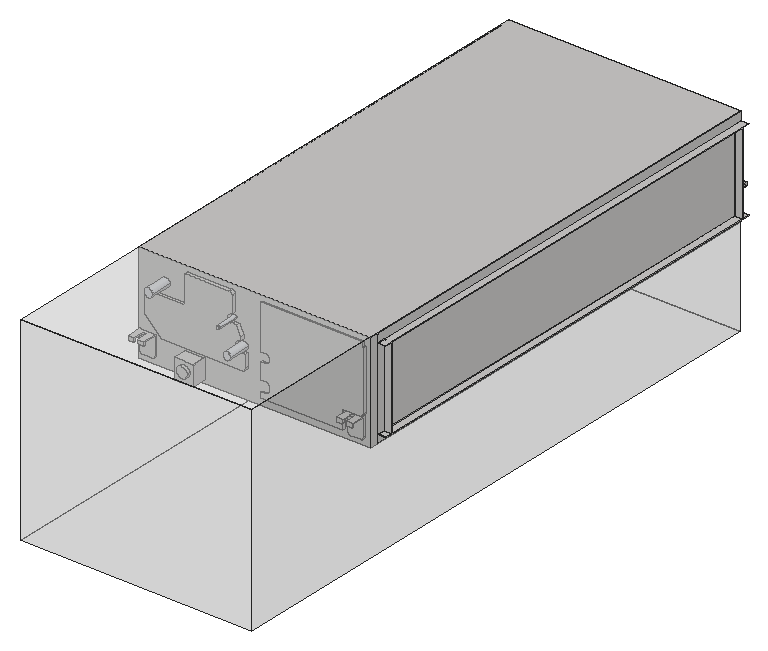
Revit family "outputfile", category 機械設備, Revit 2024
Family settings
  丸型コネクタ寸法 = 半径を使用
  パーツ タイプ = 標準
  OmniClass 番号 = 23.75.10.24.21.27.27
  OmniClass タイトル = Split System Air Conditioning Units
  作業面ベース = いいえ
  常に垂直 = はい
  ロード時にボイドで切り取り = いいえ
  注釈の向きを維持 = いいえ
  共有 = いいえ
  部屋計算ポイント = はい
Parameters (values of type "FXMQ250AFVM")
  Description = ""
  製造元 = "Daikin"
  書き出し IFC クラス(タイプ) = "IfcUnitaryEquipmentType"
  定義済み IFC タイプ(タイプ) = "AIRCONDITIONINGUNIT"
  Cost = 0
  モデル = "FXMQ250AFVM"
  Type Comments = ""
  Keynote = ""
  Type Image = (empty or 0)
  Assembly Code = ""
  w_dischargeflange = 1205.0 mm
  w_dsuctionflange = 1370.0 mm
  r_Liquid Pipe Size = Liquid Pipe Size / 2  # 4.75 mm
  r_Gas Pipe Size = Gas Pipe Size / 2  # 11.1 mm
  r_Drain Pipe Size = Drain Pipe Size / 2  # 12.5 mm
  lw_powersupply = 380.0 mm  # constant formula
  lw_mountinghole_pitch = 631.0 mm  # constant formula
  lw_mountinghole = 27.0 mm  # constant formula
  lw_maintenacesocket = 169.0 mm  # constant formula
  lw_liquidpipe = 290.0 mm  # constant formula
  lw_gaspipe = 318.0 mm  # constant formula
  lw_drainpipe = 80.0 mm  # constant formula
  lh_dischargeflange = 165.0 mm  # constant formula
  lh_powersupply = 56.0 mm  # constant formula
  lh_maintenacesocket = 40.0 mm  # constant formula
  lh_liquidpipe = 212.0 mm  # constant formula
  lh_gaspipe = 144.0 mm  # constant formula
  lh_drainpipe = 232.0 mm  # constant formula
  lh_suctionflange = 150.0 mm  # constant formula
  lh_antena = Height - lh_mountinghole + 1.0 mm  # 221.0 mm
  ld_dischargeflange = 635.0 mm
  ld_powersupply = Depth / 2  # 700.0 mm
  ld_mountinghole_pitch = 1438.0 mm
  ld_suctionflange = 713.0 mm
  h_dischargeflange = 265.0 mm  # constant formula
  lh_mountinghole = 80.0 mm  # constant formula
  h_mountinghole = [h***] + lh_mountinghole  # 80.0 mm
  h_suctionflange = 297.0 mm  # constant formula
  h*** = 0.0 mm  # constant formula
  d_dischargeflange = 25.0 mm  # constant formula
  d_pipe = 65.0 mm
  d_suctionflange = 25.0 mm  # constant formula
  Width = 700.0 mm
  Voltage_comment_60Hz = "220-230"
  Voltage_comment_50Hz = "220-240"
  Voltage_60Hz = 220 V
  Voltage_50Hz = 230 V
  Version = "ver.1.0"
  Unit Type = "Outdoor Air Processing Unit"
  Unit Mass Weight = 48.00 kg
  Unit Designation [instance] = ""
  Uniclass2015Version = "Products v1.30"
  Uniclass2015Title = "Variable refrigerant flow units"
  Uniclass2015Code = "Pr_70_65_03_94"
  URL = ""
  Total Heating Capacity [instance] = 0.000 kW
  Total Cooling Capacity [instance] = 0.000 kW
  Supply Air Direction [instance] = yes
  Sound Pressure Level_M speed (dBA) = 36
  Sound Pressure Level_L speed (dBA) = 27
  Sound Pressure Level_H speed (dBA) = 44
  Sound Power Level_H speed (dB) = 0
  Series = "VRV Fan Coil Unit"
  Sensible Cooling Capacity [instance] = 0.000 kW
  SA Duct Size Width = 1160.0 mm
  SA Duct Size Height = 215.0 mm
  Refrigerant Type = "R410A"
  Power Input (Heating) = 0.225 kW
  Power Input (Cooling) = 0.180 kW
  Phase_60Hz = 1
  Phase_50Hz = 1
  Option Accessory 3 [instance] = ""
  Option Accessory 2 [instance] = ""
  Option Accessory 1 [instance] = ""
  OA Duct Size Width = 1325.0 mm
  OA Duct Size Height = 247.0 mm
  Nominal Heating Capacity = 25.000 kW
  Nominal Cooling Capacity = 28.000 kW
  Minimum External Static Pressure = 50.00 Pa
  Minimum Circuit Amps_60Hz = 3.38 A
  Minimum Circuit Amps_50Hz = 3.38 A
  Minimum Airflow = 1080.00 m³/h
  Median Airflow = 1620.00 m³/h
  Maximum Fuse Amps_60Hz = 16.0 A
  Maximum Fuse Amps_50Hz = 16.0 A
  Maximum External Static Pressure = 200.00 Pa
  Maximum Airflow = 2160.00 m³/h
  Material_Casing = DAIKIN_GalvanizedSteel_Casing_indoorunit
  Load Classification = HVAC
  Liquid Pipe Size = 9.5 mm
  Link_Nested Family [instance] = ""
  IfcVersion = "0"
  IfcExportType = "AIRCONDITIONINGUNIT"
  IfcExportAs = "IfcUnitaryEquipmentType"
  Height = 300.0 mm
  Heating Entering Wet Bulb Temperature [instance] = 0.00 °C
  Heating Entering Dry Bulb Temperature [instance] = 0.00 °C
  Heating Ambient Wet Bulb Temperature [instance] = 0.00 °C
  Heating Ambient Dry Bulb Temperature [instance] = 0.00 °C
  Heat Exchanger Type = "Cross Fin Coil"
  Gas Pipe Size = 22.2 mm
  Frequency_60Hz = 60 Hz
  Frequency_50Hz = 50 Hz
  Fan Type = "Sirocco Fan"
  Fan Drive = "Direct Drive"
  FCU Tag No. [instance] = ""
  Drain Pipe Size = 25.0 mm
  Design Supply Airflow [instance] = 0.00 m³/h
  Design Outdoor Airflow [instance] = 0.00 m³/h
  Design External Static Pressure [instance] = 0.00 Pa
  Depth = 1400.0 mm
  既定の高さ = 0.0 mm
  Cooling Entering Wet Bulb Temperature [instance] = 0.00 °C
  Cooling Entering Dry Bulb Temperature [instance] = 0.00 °C
  Cooling Ambient Wet Bulb Temperature [instance] = 0.00 °C
  Cooling Ambient Dry Bulb Temperature [instance] = 0.00 °C
  Clearance visibility [instance] = yes
  Clearance Top = 0.0 mm
  Clearance Right = 0.0 mm
  Clearance Rear = 0.0 mm
  Clearance Left = 0.0 mm
  Clearance Front = 450.0 mm
  Clearance Bottom = 300.0 mm
Reference planes
  plane 1 "Center (Front/Back)": y = 0
  plane 2: z = 0
  plane 3 "Center (Left/Right)": x = 0
  plane 4 "Back": y = 700
  plane 5 "Front": y = -700
  plane 6 "Left": x = -350
  plane 7 "Right": x = 350
  plane 8 "Top": z = 0
  plane 9 "Bottom": z = -300
  plane 10: y = 700
  plane 11: y = -1150
  plane 12: x = 350
  plane 13: x = -350
  plane 14: z = 0
  plane 15: z = -600
  plane 16: y = -706
  plane 17: y = -710
  plane 18: y = -741
  plane 19: y = -749
  plane 20: y = -765
  plane 21 "ld_drainpipe": x = -270
  plane 22 "ld_liquidpipe": x = -60
  plane 23 "ld_gaspipe": x = -32
  plane 24 "lh_gaspipe": z = -156
  plane 25 "lh_drainpipe": z = -68
  plane 26 "lh_liquidpipe": z = -88
  plane 27 "h_mountinghole": z = -220
  plane 28: x = -323
  plane 29: x = 308
  plane 30: y = 719
  plane 31: y = -719
  plane 32 "lh_powersuply": z = -244
  plane 33 "ld_powersupply": x = 30
  plane 34 "lh_dischargeflange": z = -150
  plane 35 "ld_dischargeflange": y = 13
  plane 36 "ld_suctionflange": y = 65
  plane 37 "lh_suctionflange": z = -135
  plane 38 "lh_maintenacesocket": z = -260
  plane 39 "lw_maintenacesocket": x = -181
Forms (mm)
  Extrusion 1, solid, material "DAIKIN_GalvanizedSteel_Casing_indoorunit" <- "Material_Casing"
    sketch origin (0, 0, 0) x (1, 0, 0) y (0, 0, 1)
      loop
        line (-350, 0) -> (-350, -300) -> (350, -300) -> (350, 0) -> (-350, 0)
    from -700 to 700
  Extrusion 2, solid, material "DAIKIN_GalvanizedSteel_Casing_indoorunit" <- "Material_Casing"
    sketch origin (0, 0, 0) x (1, 0, 0) y (0, 0, 1)
      loop
        line (23.104, -151.299) -> (41.1, -151.326)
        arc (41.1, -151.326) -> (46.767, -153.673) -> (49.114, -159.34) r 8.015
        line (49.114, -159.34) -> (49.104, -169.302)
        arc (49.104, -169.302) -> (46.761, -174.959) -> (41.104, -177.302) r 8
        line (41.104, -177.302) -> (23.104, -177.302) -> (23.104, -227.302) -> (41.104, -227.302)
        arc (41.104, -227.302) -> (46.761, -229.645) -> (49.104, -235.302) r 8
        line (49.104, -235.302) -> (49.104, -251.302)
        arc (49.104, -251.302) -> (46.761, -256.959) -> (41.104, -259.302) r 8
        line (41.104, -259.302) -> (23.104, -259.302) -> (23.104, -274.802) -> (271.104, -274.802) -> (271.104, -224.802)
        arc (271.104, -224.802) -> (272.568, -221.266) -> (276.104, -219.802) r 5
        line (276.104, -219.802) -> (327.104, -219.802)
        spline (327.104, -219.802) -> (327.496, -219.776) -> (327.88, -219.7) -> (328.252, -219.574) -> (328.604, -219.4) -> (328.93, -219.182) -> (329.225, -218.923) -> (329.484, -218.628) -> (329.702, -218.302) -> (329.876, -217.95) -> (330.002, -217.578) -> (330.078, -217.194) -> (330.104, -216.802)
        line (330.104, -216.802) -> (330.104, -213) -> (332, -213)
        arc (332, -213) -> (334.121, -212.121) -> (335, -210) r 3
        line (335, -210) -> (335, -32)
        arc (335, -32) -> (334.121, -29.879) -> (332, -29) r 3
        line (332, -29) -> (330.104, -29) -> (330.104, -15.8) -> (23.104, -15.8) -> (23.104, -151.299)
    from 700 to 706
  Extrusion 3, solid, material "DAIKIN_GalvanizedSteel_Casing_indoorunit" <- "Material_Casing"
    sketch origin (0, 0, 0) x (1, 0, 0) y (0, 0, 1)
      loop
        line (-70, -15.8) -> (-201, -15.8)
        arc (-201, -15.8) -> (-203.121, -16.679) -> (-204, -18.8) r 3
        line (-204, -18.8) -> (-204, -102) -> (-321, -102)
        arc (-321, -102) -> (-323.121, -102.879) -> (-324, -105) r 3
        line (-324, -105) -> (-324, -167.757)
        arc (-324, -167.757) -> (-323.772, -168.905) -> (-323.121, -169.879) r 3
        line (-323.121, -169.879) -> (-274.879, -218.121)
        arc (-274.879, -218.121) -> (-273.905, -218.772) -> (-272.757, -219) r 3
        line (-272.757, -219) -> (-30, -219)
        arc (-30, -219) -> (-22.929, -216.071) -> (-20, -209) r 10
        line (-20, -209) -> (-20, -172.5) -> (-26.169, -172.5)
        arc (-26.169, -172.5) -> (-49.051, -159.94) -> (-34, -138.615) r 17.5
        line (-34, -138.615) -> (-34, -127.5) -> (-47, -100.5) -> (-56.429, -100.5)
        arc (-56.429, -100.5) -> (-72.874, -89.803) -> (-60, -75) r 13
        line (-60, -75) -> (-60, -25.8)
        arc (-60, -25.8) -> (-62.929, -18.729) -> (-70, -15.8) r 10
    from 710 to 700
  Extrusion 4, solid, material "DAIKIN_GalvanizedSteel_Casing_indoorunit" <- "Material_Casing"
    sketch origin (0, 0, 0) x (1, 0, 0) y (0, 0, 1)
      loop
        line (-209.102, -232.7) -> (-209.102, -292.398) -> (-152.898, -292.398) -> (-152.898, -232.7)
        arc (-152.898, -232.7) -> (-153.133, -232.133) -> (-153.7, -231.898) r 0.802
        line (-153.7, -231.898) -> (-208.298, -231.898)
        arc (-208.298, -231.898) -> (-208.865, -232.133) -> (-209.102, -232.7) r 0.802
    from 700 to 741
  Extrusion 5, solid, material "DAIKIN_GalvanizedSteel_Casing_indoorunit" <- "Material_Casing"
    sketch origin (0, 0, 0) x (1, 0, 0) y (0, 0, 1)
      loop
        circle (-181, -260) r 16.5
    from 741 to 749
  Extrusion 6, solid
    sketch origin (0, 0, 0) x (1, 0, 0) y (0, 0, 1)
      loop
        circle (-270, -68) r 12.5
      loop
        circle (-60, -88) r 4.75
      loop
        circle (-32, -156) r 11.1
    from 700 to 765
Dimensions and locks
  "Height": plane 8 "Top" to plane 9 "Bottom"
  equal spacing: plane 6 "Left", plane 3 "Center (Left/Right)", plane 7 "Right", locked at 350 each
  "Width": plane 6 "Left" to plane 7 "Right"
  equal spacing: plane 4 "Back", plane 1 "Center (Front/Back)", plane 5 "Front"
  "Depth": plane 4 "Back" to plane 5 "Front"
  "Clearance Left": plane 13 to plane 6 "Left"
  "Clearance Right": plane 7 "Right" to plane 12
  "Clearance Rear": plane 10 to plane 4 "Back"
  "Clearance Front": plane 5 "Front" to plane 11
  "Clearance Top": plane 14 to plane 8 "Top"
  "Clearance Bottom": plane 9 "Bottom" to plane 15
  Extrusion 2 sketch curve to Extrusion 2 sketch curve to Extrusion 2 sketch curve = 307.0 mm locked, 4.896 mm locked
  Extrusion 2 sketch curve to Extrusion 2 sketch curve to Extrusion 2 sketch curve to Extrusion 2 sketch curve to Extrusion 2 sketch curve = 26.0 mm locked, 222.0 mm locked, 59.0 mm locked, 4.896 mm locked
  locked: Extrusion 2 sketch curve to Extrusion 2 sketch curve at 26.01
  locked: Extrusion 2 sketch curve to nested 1 at 23.104
  locked: Extrusion 2 sketch curve to plane 3 "Center (Left/Right)" at 23.104
  plane 3 "Center (Left/Right)" to Extrusion 2 sketch curve = 23.104 mm
  Extrusion 2 sketch curve to Extrusion 2 sketch curve to Extrusion 2 sketch curve to Extrusion 2 sketch curve to Extrusion 2 sketch curve = 161.502 mm locked, 50.0 mm locked, 32.0 mm locked, 15.5 mm locked
  locked: Extrusion 2 sketch curve to Extrusion 2 sketch curve at 68.127
  locked: Extrusion 2 sketch curve to Extrusion 2 sketch curve at 13.2
  locked: Extrusion 2 sketch curve to Extrusion 2 sketch curve at 6.802
  locked: Extrusion 2 sketch curve to Extrusion 2 sketch curve at 55
  locked: plane 5 "Front" to plane 16 at 6
  locked: plane 5 "Front" to plane 17 at 10
  locked: plane 5 "Front" to plane 18 at 41
  "d_pipe": plane 5 "Front" to plane 20
  "lw_drainpipe": plane 6 "Left" to plane 21 "ld_drainpipe"
  "lw_liquidpipe": plane 6 "Left" to plane 22 "ld_liquidpipe"
  "lw_gaspipe": plane 6 "Left" to plane 23 "ld_gaspipe"
  "lh_gaspipe": plane 24 "lh_gaspipe" to plane 9 "Bottom"
  "lh_liquidpipe": plane 26 "lh_liquidpipe" to plane 9 "Bottom"
  "lh_drainpipe": plane 25 "lh_drainpipe" to plane 9 "Bottom"
  "lh_mountinghole": plane 27 "h_mountinghole" to plane 9 "Bottom"
  "lw_mountinghole": plane 6 "Left" to plane 28
  "lw_mountinghole_pitch": plane 28 to plane 29
  equal spacing: plane 30, plane 1 "Center (Front/Back)", plane 31
  "ld_mountinghole_pitch": plane 30 to plane 31
  locked: Extrusion 3 sketch curve to plane 6 "Left" at 146
  locked: Extrusion 3 sketch curve to plane 6 "Left" at 290
  locked: plane 6 "Left" to Extrusion 3 sketch curve at 26
  locked: Extrusion 3 sketch curve to plane 6 "Left" at 316
  locked: Extrusion 3 sketch curve to plane 6 "Left" at 330
  locked: Extrusion 3 sketch curve to plane 9 "Bottom" at 81
  locked: Extrusion 3 sketch curve to plane 9 "Bottom" at 284.2
  locked: Extrusion 3 sketch curve to plane 9 "Bottom" at 199.5
  locked: Extrusion 3 sketch curve to plane 9 "Bottom" at 127.5
  locked: Extrusion 3 sketch curve to plane 9 "Bottom" at 198
  "lh_powersupply": plane 32 "lh_powersuply" to plane 9 "Bottom"
  "lw_powersupply": plane 6 "Left" to plane 33 "ld_powersupply"
  "lh_suctionflange": plane 34 "lh_dischargeflange" to plane 9 "Bottom"
  "ld_suctionflange": plane 35 "ld_dischargeflange" to plane 5 "Front"
  "ld_dischargeflange": plane 4 "Back" to plane 36 "ld_suctionflange"
  "lh_dischargeflange": plane 37 "lh_suctionflange" to plane 9 "Bottom"
  locked: plane 5 "Front" to plane 19 at 49
  "lh_maintenacesocket": plane 38 "lh_maintenacesocket" to plane 9 "Bottom"
  "lw_maintenacesocket": plane 6 "Left" to plane 39 "lw_maintenacesocket"
  equal spacing: Extrusion 4 sketch curve, plane 39 "lw_maintenacesocket", Extrusion 4 sketch curve
  locked: Extrusion 4 sketch curve to Extrusion 4 sketch curve at 56.204
  Extrusion 4 sketch curve to plane 38 "lh_maintenacesocket" to Extrusion 4 sketch curve = 28.102 mm locked, 32.398 mm locked
  "r_Drain Pipe Size": radius of Extrusion 6 sketch curve
  "r_Liquid Pipe Size": radius of Extrusion 6 sketch curve
  "r_Gas Pipe Size": radius of Extrusion 6 sketch curve
  aligned and locked: level to plane 2
  aligned and locked: Extrusion 1 sketch curve to plane 8 "Top"
  aligned and locked: plane 6 "Left" to Extrusion 1 sketch curve
  aligned and locked: plane 9 "Bottom" to Extrusion 1 sketch curve
  aligned and locked: Extrusion 1 sketch curve to plane 7 "Right"
  aligned and locked: plane 4 "Back" to Extrusion 1
  aligned and locked: Extrusion 1 to plane 5 "Front"
  aligned and locked: plane 10 to nested 1
  aligned and locked: plane 11 to nested 1
  aligned and locked: plane 12 to nested 1
  aligned and locked: nested 1 to plane 13
  aligned and locked: plane 15 to nested 1
  aligned and locked: plane 14 to nested 1
  aligned and locked: Extrusion 2 to plane 16
  aligned and locked: plane 5 "Front" to Extrusion 2
  aligned and locked: Extrusion 4 to plane 18
  aligned and locked: plane 5 "Front" to Extrusion 4
  aligned and locked: Extrusion 5 to plane 19
  aligned and locked: plane 18 to Extrusion 5
  aligned and locked: plane 25 "lh_drainpipe" to Extrusion 6 sketch curve
  aligned and locked: plane 21 "ld_drainpipe" to Extrusion 6 sketch curve
  aligned and locked: plane 26 "lh_liquidpipe" to Extrusion 6 sketch curve
  aligned and locked: plane 22 "ld_liquidpipe" to Extrusion 6 sketch curve
  aligned and locked: plane 23 "ld_gaspipe" to Extrusion 6 sketch curve
  aligned and locked: plane 24 "lh_gaspipe" to Extrusion 6 sketch curve
  aligned and locked: Extrusion 6 to plane 20
  aligned and locked: plane 5 "Front" to Extrusion 6
  aligned and locked: nested 2 to plane 5 "Front"
  aligned and locked: nested 2 to plane 21 "ld_drainpipe"
  aligned and locked: plane 25 "lh_drainpipe" to nested 2
  aligned and locked: nested 3 to plane 5 "Front"
  aligned and locked: nested 4 to plane 5 "Front"
  aligned and locked: plane 26 "lh_liquidpipe" to nested 3
  aligned and locked: plane 24 "lh_gaspipe" to nested 4
  aligned and locked: plane 29 to nested 5
  aligned and locked: plane 4 "Back" to nested 5
  aligned and locked: plane 27 "h_mountinghole" to nested 5
  aligned and locked: plane 28 to nested 6
  aligned and locked: plane 4 "Back" to nested 6
  aligned and locked: plane 27 "h_mountinghole" to nested 6
  aligned and locked: nested 7 to plane 29
  aligned and locked: plane 5 "Front" to nested 7
  aligned and locked: plane 5 "Front" to nested 8
  aligned and locked: nested 8 to plane 28
  aligned and locked: nested 7 to plane 27 "h_mountinghole"
  aligned and locked: nested 8 to plane 27 "h_mountinghole"
  aligned and locked: Extrusion 3 to plane 17
  aligned and locked: plane 5 "Front" to Extrusion 3
  aligned and locked: nested 11 to plane 28
  aligned and locked: nested 11 to plane 30
  aligned and locked: nested 12 to plane 29
  aligned and locked: nested 12 to plane 30
  aligned and locked: nested 9 to plane 29
  aligned and locked: plane 31 to nested 9
  aligned and locked: nested 10 to plane 28
  aligned and locked: plane 31 to nested 10
  aligned and locked: nested 13 to plane 32 "lh_powersuply"
  aligned and locked: plane 1 "Center (Front/Back)" to nested 14
  aligned and locked: nested 14 to plane 3 "Center (Left/Right)"
  aligned and locked: plane 34 "lh_dischargeflange" to nested 15
  aligned and locked: plane 7 "Right" to nested 15
  aligned and locked: plane 35 "ld_dischargeflange" to nested 15
  aligned and locked: nested 16 to plane 36 "ld_suctionflange"
  aligned and locked: nested 16 to plane 6 "Left"
  aligned and locked: plane 37 "lh_suctionflange" to nested 16
  aligned and locked: nested 17 to plane 6 "Left"
  aligned and locked: nested 17 to plane 36 "ld_suctionflange"
  aligned and locked: plane 7 "Right" to nested 18
  aligned and locked: plane 35 "ld_dischargeflange" to nested 18
  aligned and locked: nested 18 to plane 34 "lh_dischargeflange"
  aligned and locked: nested 17 to plane 37 "lh_suctionflange"
  aligned and locked: plane 38 "lh_maintenacesocket" to Extrusion 5 sketch curve
  aligned and locked: plane 39 "lw_maintenacesocket" to Extrusion 5 sketch curve
  aligned and locked: nested 3 to plane 22 "ld_liquidpipe"
  aligned and locked: nested 4 to plane 23 "ld_gaspipe"
  aligned and locked: nested 13 to plane 33 "ld_powersupply"
  aligned and locked: level to plane 8 "Top"
Automatic sketch dimensions
  Extrusion 2 sketch curve to Extrusion 2 sketch curve = 0.027 mm
  Extrusion 2 sketch curve to Extrusion 2 sketch curve = 8.015 mm
  Extrusion 2 sketch curve to Extrusion 2 sketch curve = 8.01 mm
  Extrusion 2 sketch curve to Extrusion 2 sketch curve = 0.0 mm  (x4)
  Extrusion 2 sketch curve to Extrusion 2 sketch curve = 8.0 mm  (x3)
  Extrusion 2 sketch curve to Extrusion 2 sketch curve = 5.0 mm
  Extrusion 2 sketch curve to Extrusion 2 sketch curve = 3.0 mm  (x2)
  Extrusion 2 sketch curve to Extrusion 2 sketch curve = 1.896 mm  (x2)
  Extrusion 2 sketch curve to plane 8 "Top" = 15.8 mm
  Extrusion 4 sketch curve to Extrusion 4 sketch curve = 0.804 mm
  Extrusion 4 sketch curve to Extrusion 4 sketch curve = 0.802 mm  (x2)
  Extrusion 4 sketch curve to Extrusion 4 sketch curve = 0.0 mm
  plane 23 "ld_gaspipe" to Extrusion 3 sketch curve = 0.0 mm
  Extrusion 3 sketch curve to plane 24 "lh_gaspipe" = 0.0 mm
  Extrusion 3 sketch curve to plane 26 "lh_liquidpipe" = 0.0 mm
  plane 28 to Extrusion 3 sketch curve = 0.121 mm
  Extrusion 3 sketch curve to plane 28 = 2.0 mm  (x2)
  plane 21 "ld_drainpipe" to Extrusion 3 sketch curve = 4.879 mm
  plane 21 "ld_drainpipe" to Extrusion 3 sketch curve = 2.757 mm
  Extrusion 3 sketch curve to Extrusion 3 sketch curve = 3.0 mm  (x2)
  plane 22 "ld_liquidpipe" to Extrusion 3 sketch curve = 10.0 mm
  Extrusion 3 sketch curve to plane 22 "ld_liquidpipe" = 3.571 mm
  Extrusion 3 sketch curve to Extrusion 3 sketch curve = 9.429 mm
  Extrusion 3 sketch curve to plane 23 "ld_gaspipe" = 2.0 mm
  Extrusion 3 sketch curve to plane 23 "ld_gaspipe" = 5.831 mm
  Extrusion 3 sketch curve to plane 24 "lh_gaspipe" = 11.757 mm
  Extrusion 3 sketch curve to Extrusion 3 sketch curve = 11.115 mm
  radius of Extrusion 5 sketch curve = 16.5 mm
Nested families
  nested 1: "daikin_clearancespace" at (0, -225, -299.881), visible <- "Clearance visibility", show <- "Clearance visibility", Link_Nested Family <- "Link_Nested Family", type "daikin_clearancespace"
    with width 700.0 mm, show yes, height 600.0 mm, depth 1850.0 mm, Link_Nested Family ""
  nested 2: "daikin_connector_rotate2" at (-270, -700, -68), length <- "d_pipe", radius <- "r_Drain Pipe Size", type "daikin_connector_rotate2"
    with radius 12.5 mm, length 65.0 mm, angle_vertical 90.00°, show_face no
  nested 3: "daikin_connector_rotate2" at (-60, -700, -88), length <- "d_pipe", radius <- "r_Liquid Pipe Size", type "daikin_connector_rotate2"
    with radius 4.75 mm, length 65.0 mm, angle_vertical 90.00°, show_face no
  nested 4: "daikin_connector_rotate2" at (-32, -700, -156), length <- "d_pipe", radius <- "r_Gas Pipe Size", type "daikin_connector_rotate2"
    with radius 11.1 mm, length 65.0 mm, angle_vertical 90.00°, show_face no
  nested 5: "daikin_hangerfixture_CeilingMountedDuct" at (308, 700, -220) x (-1, 0, 0) z (0, 0, 1), type "daikin_hangerfixture_CeilingMountedDuct"
  nested 6: "daikin_hangerfixture_CeilingMountedDuct" at (-323, 700, -220) x (-1, 0, 0) z (0, 0, 1), type "daikin_hangerfixture_CeilingMountedDuct"
  nested 7: "daikin_hangerfixture_CeilingMountedDuct" at (308, -700, -220) x (-1, 0, 0) z (0, 0, 1), type "daikin_hangerfixture_CeilingMountedDuct"
  nested 8: "daikin_hangerfixture_CeilingMountedDuct" at (-323, -700, -220) x (-1, 0, 0) z (0, 0, 1), type "daikin_hangerfixture_CeilingMountedDuct"
  nested 9: "daikin_mountinghole" at (308, -719, -300), Link_Nested Family <- "Link_Nested Family", l_antenna <- "lh_antena", h_mountinghole <- "h_mountinghole", type "daikin_mountinghole"
    with show yes, l_antenna 221.0 mm, h_mountinghole 80.0 mm, Link_Nested Family ""
  nested 10: "daikin_mountinghole" at (-323, -719, -300), Link_Nested Family <- "Link_Nested Family", l_antenna <- "lh_antena", h_mountinghole <- "h_mountinghole", type "daikin_mountinghole"
    with show yes, l_antenna 221.0 mm, h_mountinghole 80.0 mm, Link_Nested Family ""
  nested 11: "daikin_mountinghole" at (-323, 719, -300), Link_Nested Family <- "Link_Nested Family", l_antenna <- "lh_antena", h_mountinghole <- "h_mountinghole", type "daikin_mountinghole"
    with show yes, l_antenna 221.0 mm, h_mountinghole 80.0 mm, Link_Nested Family ""
  nested 12: "daikin_mountinghole" at (308, 719, -300), Link_Nested Family <- "Link_Nested Family", l_antenna <- "lh_antena", h_mountinghole <- "h_mountinghole", type "daikin_mountinghole"
    with show yes, l_antenna 221.0 mm, h_mountinghole 80.0 mm, Link_Nested Family ""
  nested 13: "daikin_connector_rotate2" at (30, 0, -244), length <- "ld_powersupply", type "daikin_connector_rotate2"
    with radius 10.0 mm, length 700.0 mm, angle_vertical 90.00°, show_face no
  nested 14: "daikin_△_symbolicline" at (0, 0, 300) x (0, -1, 0) z (0, 0, 1), visible <- "Supply Air Direction", built-in parameter 1001364 <- "Height", type "daikin_△_symbolicline"
    with length 300.0 mm
  nested 15: "daikin_ductflange_FXMQ-AFVM" at (350, 13, -298.5) x (0, 1, 0) z (0, 0, 1), depth <- "d_suctionflange", height <- "h_suctionflange", width <- "w_dsuctionflange", material <- "Material_Casing", type "daikin_ductflange_FXMQ-AFVM"
    with width 1370.0 mm, top1 25.0 mm, right1 22.5 mm, material DAIKIN_GalvanizedSteel_Casing_indoorunit, left1 22.5 mm, height 297.0 mm, depth 25.0 mm, Bottom1 25.0 mm
  nested 16: "daikin_ductflange_FXMQ-AFVM" at (-350, 65, -267.5) x (0, -1, 0) z (0, 0, 1), material <- "Material_Casing", depth <- "d_dischargeflange", height <- "h_dischargeflange", width <- "w_dischargeflange", type "daikin_ductflange_FXMQ-AFVM"
    with width 1205.0 mm, top1 25.0 mm, right1 22.5 mm, material DAIKIN_GalvanizedSteel_Casing_indoorunit, left1 22.5 mm, height 265.0 mm, depth 25.0 mm, Bottom1 25.0 mm
  nested 17: "daikin_connector_rotate2" at (-350, 65, -135) x (0, -1, 0) z (0, 0, 1), length <- "d_dischargeflange", type "daikin_connector_rotate2"
    with radius 10.0 mm, length 25.0 mm, angle_vertical 90.00°, show_face no
  nested 18: "daikin_connector_rotate2" at (350, 13, -150) x (0, 1, 0) z (0, 0, 1), length <- "d_suctionflange", type "daikin_connector_rotate2"
    with radius 10.0 mm, length 25.0 mm, angle_vertical 90.00°, show_face no
Connectors
  piping at (-270, -765, -68), diameter 25, driven by "r_Drain Pipe Size"
    settings: on nested 2, index 1, connector inside diameter 609.6 mm, connector length 0.0 mm, flow factor 0, pipe flow 0.00 m³/h, pressure drop 0.0 Pa, fitting loss kfactor 0, connector angle 0.00°, fixture units 0, engagement length 0.0 mm, angle of deflection 0.00°, flow configuration 1, flow direction 2, fitting loss method 4, system type 16, joint type 0, gender type 0, connector reference index -1, connector utility 0, adjustable connector no, is connector primary yes, connector description "Condensate Drain Piping"
  piping at (-60, -765, -88), diameter 9.5, driven by "r_Liquid Pipe Size"
    settings: on nested 3, index 2, connector inside diameter 609.6 mm, connector length 0.0 mm, flow factor 0, pipe flow 0.00 m³/h, pressure drop 0.0 Pa, fitting loss kfactor 0, connector angle 0.00°, fixture units 0, engagement length 0.0 mm, angle of deflection 0.00°, flow configuration 1, flow direction 1, fitting loss method 0, system type 29, joint type 0, gender type 0, connector reference index -1, connector utility 0, adjustable connector no, is connector primary no, connector description "Refrigerant Liquid Piping"
  piping at (-32, -765, -156), diameter 22.2, driven by "r_Gas Pipe Size"
    settings: on nested 4, index 3, connector inside diameter 609.6 mm, connector length 0.0 mm, flow factor 0, pipe flow 0.00 m³/h, pressure drop 0.0 Pa, fitting loss kfactor 0, connector angle 0.00°, fixture units 0, engagement length 0.0 mm, angle of deflection 0.00°, flow configuration 1, flow direction 2, fitting loss method 0, system type 29, joint type 0, gender type 0, connector reference index -1, connector utility 0, adjustable connector no, is connector primary no, connector description "Refrigerant Gas Piping"
  electrical at (30, -700, -244), driven by "Load Classification"
    settings: on nested 13, index 4, voltage 0 V, apparent load 0 VA, apparent load phase1 0 VA, apparent load phase2 0 VA, apparent load phase3 0 VA, power factor 1, load classification "HVAC", number of poles 1, system type 30, power factor state 1, is connector primary yes, connector utility no, sub classification motor no, connector description "Power Supply"
  hvac at (375, 13, -150), driven by "OA Duct Size Height", driven by "OA Duct Size Width"
    settings: on nested 15, index 5, duct flow 0.00 m³/h, flow factor 0, pres drop 0.00 Pa, loss coef 0, conn angle 0.00°, conn width 1325.0 mm, conn height 247.0 mm, conn diameter 609.6 mm, duct sys type 1, conn prof type 1, flow config 0, flow direction 1, loss method 4, conn ref index -1, conn util no, is conn primary no, conn desc "OA Duct"
  hvac at (-375, 65, -135), driven by "SA Duct Size Height", driven by "SA Duct Size Width"
    settings: on nested 16, index 6, duct flow 0.00 m³/h, flow factor 0, pres drop 0.00 Pa, loss coef 0, conn angle 0.00°, conn width 1160.0 mm, conn height 215.0 mm, conn diameter 609.6 mm, duct sys type 1, conn prof type 1, flow config 0, flow direction 2, loss method 4, conn ref index -1, conn util no, is conn primary yes, conn desc "SA Duct"
Definition of nested family "daikin_clearancespace"
  Parameters (values of type "daikin_clearancespace")
    width [instance] = 1823.963 mm
    show [instance] = yes
    material = none
    height [instance] = 1359.762 mm
    depth [instance] = 880.0 mm
    Default Elevation = 0.0 mm
    Link_Nested Family [instance] = ""
  Reference planes
    plane 1 "Center (Front/Back)": y = 0
    plane 2 "Center (Elevation)": z = -0.119
    plane 3 "Center (Left/Right)": x = 0
    plane 4: y = 440
    plane 5: y = -440
    plane 6 "Right": x = 911.982
    plane 7 "Left": x = -911.982
    plane 8 "Top": z = 679.762
    plane 9 "Bottom": z = -680
  Forms (mm)
    Extrusion 1, solid, material <- "material", visible <- "show"
      sketch origin (0, 0, 0) x (1, 0, 0) y (0, 1, 0)
        loop
          line (-911.982, 440) -> (-911.982, -440) -> (911.982, -440) -> (911.982, 440) -> (-911.982, 440)
      from -680 to 679.762
  Lines and regions (mm)
    symbolic lines, visible <- "show"
      curve 1: line (911.982, 440, 0) -> (-911.982, 440, 0)
      curve 2: line (-911.982, 440, 0) -> (-911.982, -440, 0)
      curve 3: line (-911.982, -440, 0) -> (911.982, -440, 0)
      curve 4: line (911.982, -440, 0) -> (911.982, 440, 0)
      curve 5: line (911.982, 0, 679.762) -> (-911.982, 0, 679.762)
      curve 6: line (911.982, 0, -680) -> (911.982, 0, 679.762)
      curve 7: line (-911.982, 0, -680) -> (911.982, 0, -680)
      curve 8: line (-911.982, 0, 679.762) -> (-911.982, 0, -680)
      curve 9: line (0, 440, 679.762) -> (0, -440, 679.762)
      curve 10: line (0, -440, 679.762) -> (0, -440, -680)
      curve 11: line (0, 440, -680) -> (0, 440, 679.762)
      curve 12: line (0, -440, -680) -> (0, 440, -680)
  Dimensions and locks
    "width": plane 7 "Left" to plane 6 "Right"
    "depth": plane 4 to plane 5
    "height": plane 8 "Top" to plane 9 "Bottom"
    equal spacing: plane 7 "Left", plane 3 "Center (Left/Right)", plane 6 "Right"
    equal spacing: plane 4, plane 1 "Center (Front/Back)", plane 5
    equal spacing: plane 8 "Top", plane 2 "Center (Elevation)", plane 9 "Bottom"
    aligned and locked: level to plane 2 "Center (Elevation)"
    aligned and locked: Extrusion 1 sketch curve to plane 4
    aligned and locked: plane 7 "Left" to Extrusion 1 sketch curve
    aligned and locked: Extrusion 1 sketch curve to plane 5
    aligned and locked: Extrusion 1 sketch curve to plane 6 "Right"
    aligned and locked: plane 8 "Top" to Extrusion 1
    aligned and locked: curve 1 to Extrusion 1
    aligned and locked: curve 2 to Extrusion 1
    aligned and locked: curve 3 to Extrusion 1
    aligned and locked: curve 4 to Extrusion 1
    aligned and locked: curve 5 to Extrusion 1
    aligned and locked: curve 6 to Extrusion 1
    aligned and locked: curve 7 to Extrusion 1
    aligned and locked: curve 8 to Extrusion 1
    aligned and locked: curve 9 to Extrusion 1
    aligned and locked: curve 10 to Extrusion 1
    aligned and locked: curve 11 to Extrusion 1
    aligned and locked: curve 12 to Extrusion 1
    aligned and locked: Extrusion 1 to plane 9 "Bottom"
Definition of nested family "daikin_hangerfixture_CeilingMountedDuct"
  Parameters (values of type "daikin_hangerfixture_CeilingMountedDuct")
    width = 48.0 mm
    material = none
    height = 65.0 mm
    depth = 45.0 mm
    Default Elevation = 0.0 mm
  Reference planes
    plane 1 "Center (Front/Back)": y = 0
    plane 2: z = 0
    plane 3 "Center (Left/Right)": x = 0
    plane 4: y = 417.146
    plane 5: y = -45
    plane 6: x = -24
    plane 7: x = 24
    plane 8: z = -2.3
    plane 9: z = -65
    plane 10: y = -2.3
    plane 11: z = -12
    plane 12: y = -42.7
  Forms (mm)
    Extrusion 1, solid, material <- "material"
      sketch origin (0, 0, 0) x (1, 0, 0) y (0, 1, 0)
        loop
          line (24, 0) -> (-24, 0) -> (-24, -45) -> (-6, -45) -> (-6, -19)
          arc (-6, -19) -> (0, -13) -> (6, -19) r 6
          line (6, -19) -> (6, -45) -> (24, -45) -> (24, 0)
      from 0 to -2.3
    Extrusion 2, solid, material <- "material"
      sketch origin (0, 0, 0) x (1, 0, 0) y (0, 0, 1)
        loop
          line (24, -55) -> (24, 0) -> (-24, 0) -> (-24, -55)
          arc (-24, -55) -> (-21.071, -62.071) -> (-14, -65) r 10
          line (-14, -65) -> (14, -65)
          arc (14, -65) -> (21.071, -62.071) -> (24, -55) r 10
      from 0 to 2.3
    Extrusion 3, solid, material <- "material"
      sketch origin (0, 0, 0) x (1, 0, 0) y (0, 0, 1)
        loop
          line (-6, -9) -> (-6, 0) -> (-24, 0) -> (-24, -9)
          arc (-24, -9) -> (-23.121, -11.121) -> (-21, -12) r 3
          line (-21, -12) -> (-9, -12)
          arc (-9, -12) -> (-6.879, -11.121) -> (-6, -9) r 3
        loop
          line (6, 0) -> (6, -9)
          arc (6, -9) -> (6.879, -11.121) -> (9, -12) r 3
          line (9, -12) -> (21, -12)
          arc (21, -12) -> (23.121, -11.121) -> (24, -9) r 3
          line (24, -9) -> (24, 0) -> (6, 0)
      from 42.7 to 45
  Cuts and joins
    joined: Extrusion 1, Extrusion 2, Extrusion 3
  Dimensions and locks
    "width": plane 6 to plane 7
    "depth": plane 5 to plane 1 "Center (Front/Back)"
    plane 2 to plane 8 = 2.3 mm
    "height": plane 2 to plane 9
    locked: plane 10 to plane 1 "Center (Front/Back)" at 2.3
    locked: plane 2 to plane 11 at 12
    locked: plane 12 to plane 5 at 2.3
    aligned and locked: level to plane 2
    aligned and locked: Extrusion 1 sketch curve to plane 1 "Center (Front/Back)"
    aligned and locked: plane 7 to Extrusion 1
    aligned and locked: Extrusion 1 to plane 6
    aligned and locked: Extrusion 1 to plane 5  (x2)
    aligned and locked: Extrusion 1 to plane 8
    aligned and locked: plane 2 to Extrusion 1
    aligned and locked: plane 2 to Extrusion 2 sketch curve
    aligned and locked: Extrusion 2 to plane 9
    aligned and locked: Extrusion 2 to plane 10
    aligned and locked: Extrusion 2 to plane 1 "Center (Front/Back)"
    aligned and locked: plane 2 to Extrusion 3 sketch curve  (x2)
    aligned and locked: Extrusion 3 to plane 11  (x2)
    aligned and locked: plane 12 to Extrusion 3
    aligned and locked: Extrusion 3 to plane 5
  Automatic sketch dimensions
    Extrusion 1 sketch curve to plane 6 = 0.0 mm
    Extrusion 1 sketch curve to plane 5 = 0.0 mm  (x2)
    Extrusion 1 sketch curve to plane 3 "Center (Left/Right)" = 0.0 mm
    Extrusion 1 sketch curve to plane 7 = 0.0 mm
    Extrusion 1 sketch curve to plane 3 "Center (Left/Right)" = 6.0 mm
    plane 1 "Center (Front/Back)" to Extrusion 1 sketch curve = 19.0 mm
    Extrusion 2 sketch curve to plane 7 = 0.0 mm
    Extrusion 2 sketch curve to plane 7 = 10.0 mm
    Extrusion 2 sketch curve to plane 8 = 52.7 mm
    plane 6 to Extrusion 2 sketch curve = 10.0 mm
    Extrusion 2 sketch curve to plane 6 = 0.0 mm
    Extrusion 3 sketch curve to plane 6 = 0.0 mm
    Extrusion 3 sketch curve to plane 7 = 0.0 mm
    Extrusion 3 sketch curve to Extrusion 3 sketch curve = 3.0 mm  (x2)
    Extrusion 3 sketch curve to plane 8 = 6.7 mm
    Extrusion 3 sketch curve to plane 3 "Center (Left/Right)" = 9.0 mm
    Extrusion 3 sketch curve to plane 3 "Center (Left/Right)" = 6.0 mm
    plane 3 "Center (Left/Right)" to Extrusion 3 sketch curve = 6.0 mm
    Extrusion 3 sketch curve to plane 7 = 3.0 mm
    Extrusion 3 sketch curve to plane 8 = 9.7 mm
Definition of nested family "daikin_ductflange_FXMQ-AFVM"
  Parameters (values of type "daikin_ductflange_CeilingMountedDuct")
    width [instance] = 670.0 mm
    right1 [instance] = 22.5 mm
    left1 [instance] = 22.5 mm
    Bottom1 [instance] = 25.0 mm
    material [instance] = none
    height [instance] = 272.0 mm
    depth [instance] = 25.0 mm
    top1 [instance] = 25.0 mm
    Default Elevation = 0.0 mm
  Reference planes
    plane 1 "Center (Front/Back)": y = 0
    plane 2: z = 0
    plane 3 "Center (Left/Right)": x = 0
    plane 4: y = -25
    plane 5: x = -335
    plane 6: x = 335
    plane 7 "Top": z = 272
    plane 8: y = -1
    plane 9: x = -312.5
    plane 10: x = 312.5
    plane 11: z = 247
    plane 12: z = 25
    plane 13 "Center (Elevation)": z = 136
  Forms (mm)
    Extrusion 1, solid, material <- "material"
      sketch origin (0, 0, 0) x (1, 0, 0) y (0, 0, 1)
        loop
          line (-335, 272) -> (-335, 0) -> (335, 0) -> (335, 272) -> (-335, 272)
        loop
          line (-312.5, 247) -> (-312.5, 25) -> (312.5, 25) -> (312.5, 247) -> (-312.5, 247)
      from 0 to 1
    Extrusion 2, solid, material <- "material"
      sketch origin (0, 0, 0) x (1, 0, 0) y (0, 1, 0)
        loop
          line (-312.5, -1) -> (-313.496, -1) -> (-313.496, -25) -> (-312.5, -25) -> (-312.5, -1)
        loop
          line (312.5, -1) -> (312.5, -25) -> (313.496, -25) -> (313.496, -1) -> (312.5, -1)
      from 25 to 247
    Extrusion 3, solid, material <- "material"
      sketch origin (0, 0, 0) x (0, 1, 0) y (0, 0, 1)
        loop
          line (-1, 247) -> (-1, 247.958) -> (-25, 247.958) -> (-25, 247) -> (-1, 247)
        loop
          line (-1, 25) -> (-25, 25) -> (-25, 24.042) -> (-1, 24.042) -> (-1, 25)
      from -335 to 335
  Cuts and joins
    joined: Extrusion 1, Extrusion 2, Extrusion 3
  Dimensions and locks
    "height": plane 7 "Top" to plane 2
    "width": plane 5 to plane 6
    equal spacing: plane 5, plane 3 "Center (Left/Right)", plane 6
    "depth": plane 1 "Center (Front/Back)" to plane 4
    locked: plane 8 to plane 1 "Center (Front/Back)" at 1
    "left1": plane 5 to plane 9
    "right1": plane 10 to plane 6
    locked: Extrusion 2 sketch curve to Extrusion 2 sketch curve at 0.996  (x2)
    "top1": plane 7 "Top" to plane 11
    "Bottom1": plane 12 to plane 2
    equal spacing: plane 7 "Top", plane 13 "Center (Elevation)", plane 2
    locked: Extrusion 3 sketch curve to Extrusion 2 at 0.958  (x2)
    aligned and locked: level to plane 2
    aligned and locked: Extrusion 1 sketch curve to plane 7 "Top"
    aligned and locked: plane 5 to Extrusion 1 sketch curve
    aligned and locked: Extrusion 1 sketch curve to plane 6
    aligned and locked: plane 2 to Extrusion 1 sketch curve
    aligned and locked: Extrusion 1 to plane 8
    aligned and locked: Extrusion 2 sketch curve to plane 8
    aligned and locked: Extrusion 2 sketch curve to plane 9
    aligned and locked: plane 8 to Extrusion 2 sketch curve
    aligned and locked: Extrusion 2 sketch curve to plane 10
    aligned and locked: plane 11 to Extrusion 2
    aligned and locked: Extrusion 2 to plane 12
    aligned and locked: plane 8 to Extrusion 3 sketch curve
    aligned and locked: Extrusion 3 sketch curve to plane 11
    aligned and locked: Extrusion 3 sketch curve to plane 8
    aligned and locked: Extrusion 3 sketch curve to plane 12
    aligned and locked: Extrusion 3 to plane 5
    aligned and locked: plane 6 to Extrusion 3
    aligned and locked: plane 4 to Extrusion 2 sketch curve
    aligned and locked: Extrusion 2 sketch curve to plane 4
    aligned and locked: plane 4 to Extrusion 3 sketch curve
    aligned and locked: Extrusion 3 sketch curve to plane 4
    aligned and locked: plane 9 to Extrusion 1 sketch curve
    aligned and locked: Extrusion 1 sketch curve to plane 10
    aligned and locked: plane 12 to Extrusion 1 sketch curve
    aligned and locked: Extrusion 1 sketch curve to plane 11
Definition of nested family "daikin_connector_rotate2"
  Parameters (values of type "daikin_connector_rotate2")
    show_face = yes
    radius [instance] = 10.0 mm
    length [instance] = 600.0 mm
    d_surface = 10.0 mm
    angle_vertical [instance] = 90.00°
    Default Elevation = 0.0 mm
  Reference planes
    plane 1 "Center (Front/Back)": y = 0
    plane 2: z = 0
    plane 3 "Center (Left/Right)": x = 0
  Forms (mm)
    Extrusion 1, solid, visible <- "show_face"
      sketch origin (0, -600, 0) x (1, 0, 0) y (0, 0, 1)
        loop
          circle (0, 0) r 10
      from 0 to -10
  Lines and regions (mm)
    reference lines
      curve 1: line (0, 0, 0) -> (0, -600, 0)
    symbolic lines
      curve 2: circle (0, 0, 0) r 5 normal (0, 0, 1)
    model lines, visible <- "show_face"
      curve 3: line (0, 0, 0) -> (0, -600, 0)
  Dimensions and locks
    "length": curve 1 to curve 1
    "length": curve 3 to curve 3
    "d_surface": Extrusion 1 to Extrusion 1
    "radius": radius of Extrusion 1 sketch curve
    "angle_vertical": angle curve 1 to plane 1 "Center (Front/Back)"
    "angle_vertical": angle curve 3 to plane 1 "Center (Front/Back)"
    aligned and locked: level to plane 2
    aligned and locked: plane 1 "Center (Front/Back)" to curve 1
    aligned and locked: plane 2 to curve 1
    aligned and locked: plane 1 "Center (Front/Back)" to curve 2
    aligned and locked: plane 3 "Center (Left/Right)" to curve 2
    aligned and locked: plane 1 "Center (Front/Back)" to curve 3
    aligned and locked: plane 2 to curve 3
    aligned and locked: Extrusion 1 to Extrusion 1
  Automatic sketch dimensions
    Extrusion 1 sketch curve to level = 0.0 mm
    Extrusion 1 sketch curve to plane 3 "Center (Left/Right)" = 0.0 mm
    radius of curve 2 = 5.0 mm
Definition of nested family "daikin_mountinghole"
  Parameters (values of type "daikin_mountinghole")
    Default Elevation = 1219.2 mm
    Type Comments = "mountinghole"
    show [instance] = yes
    material = none
    l_centerline = 100.0 mm
    l_antenna [instance] = 100.0 mm
    h_mountinghole [instance] = 0.0 mm
    d_circle = 30.0 mm
    Link_Nested Family [instance] = ""
  Reference planes
    plane 1 "Center (Front/Back)": y = 0
    plane 2: z = 0
    plane 3 "Center (Left/Right)": x = 0
    plane 4: y = 50
    plane 5: x = -50
    plane 6: x = 50
    plane 7: y = -50
    plane 8 "h_mountinghole": z = 0
    plane 9: z = 100
  Lines and regions (mm)
    model lines, detail levels fine
      curve 1: circle (0, 0, 0) r 15 normal (0, 0, 1)
      curve 2: line (-50, 0, 0) -> (50, 0, 0)
      curve 3: line (0, 50, 0) -> (0, -50, 0)
    symbolic lines, detail levels fine
      curve 4: circle (0, 0, 0) r 15 normal (0, 0, 1)
      curve 5: line (-50, 0, 0) -> (50, 0, 0)
      curve 6: line (0, 50, 0) -> (0, -50, 0)
    model lines
      curve 7: line (0, 0, 100) -> (0, 0, 0)
  Dimensions and locks
    equal spacing: plane 4, plane 1 "Center (Front/Back)", plane 7
    "l_centerline": plane 4 to plane 7
    equal spacing: plane 5, plane 3 "Center (Left/Right)", plane 6
    "l_centerline": plane 5 to plane 6
    "l_antenna": plane 9 to plane 8 "h_mountinghole"
    "h_mountinghole": plane 8 "h_mountinghole" to plane 2
    "d_circle": diameter of curve 1
    "d_circle": diameter of curve 4
    aligned and locked: level to plane 2
    aligned and locked: plane 1 "Center (Front/Back)" to curve 1
    aligned and locked: plane 3 "Center (Left/Right)" to curve 1
    aligned and locked: plane 1 "Center (Front/Back)" to curve 2
    aligned and locked: curve 3 to plane 3 "Center (Left/Right)"
    aligned and locked: plane 6 to curve 2
    aligned and locked: plane 5 to curve 2
    aligned and locked: plane 4 to curve 3
    aligned and locked: plane 7 to curve 3
    aligned and locked: plane 1 "Center (Front/Back)" to curve 4
    aligned and locked: plane 3 "Center (Left/Right)" to curve 4
    aligned and locked: plane 6 to curve 5
    aligned and locked: plane 5 to curve 5
    aligned and locked: plane 1 "Center (Front/Back)" to curve 5
    aligned and locked: plane 4 to curve 6
    aligned and locked: plane 7 to curve 6
    aligned and locked: curve 6 to plane 3 "Center (Left/Right)"
    aligned and locked: curve 7 to plane 3 "Center (Left/Right)"
    aligned and locked: plane 9 to curve 7
    aligned and locked: plane 8 "h_mountinghole" to curve 7
Definition of nested family "daikin_△_symbolicline"
  Parameters (values of type "daikin_△_symbolicline")
    length [instance] = 500.0 mm
    Default Elevation = 0.0 mm
  Reference planes
    plane 1 "Center (Front/Back)": y = 0
    plane 2: z = 0
    plane 3 "Center (Left/Right)": x = 0
  Lines and regions (mm)
    symbolic lines
      curve 1: line (0, -433.013, 0) -> (250, 0, 0)
      curve 2: line (250, 0, 0) -> (-250, 0, 0)
      curve 3: line (-250, 0, 0) -> (0, -433.013, 0)
  Dimensions and locks
    equal spacing: curve 3, plane 3 "Center (Left/Right)", curve 2
    "length": curve 3 to curve 2
    "length": curve 3 to curve 3
    "length": curve 1 to curve 1
    aligned and locked: level to plane 2
    aligned and locked: curve 2 to plane 1 "Center (Front/Back)"
    aligned and locked: plane 3 "Center (Left/Right)" to curve 3
